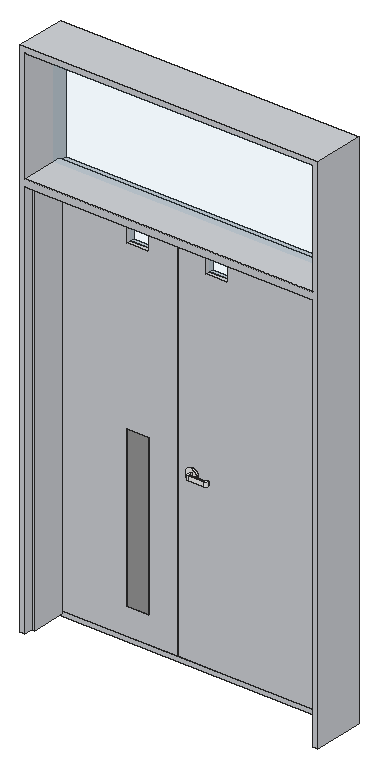
Revit family "Dor_親子開き戸（幕板付）", category ドア, Revit 2020 (continued)
Definition of nested family "平面_親子開き戸"
  Dimensions and locks
    aligned and locked: plane 6 to curve 7
    aligned and locked: Masking region 2 to plane 6
    aligned and locked: plane 7 to Masking region 1
    aligned and locked: plane 12 "パネル幅2" to curve 8
    aligned and locked: plane 13 to Masking region 2
    aligned and locked: Masking region 1 to plane 13
  Automatic sketch dimensions
    Masking region 1 sketch curve to plane 3 "中心(左/右)" = 185 mm
    Masking region 2 sketch curve to plane 6 = 0 mm
    Masking region 2 sketch curve to plane 8 = 0 mm
    plane 1 "中心(正面/背面)" to Masking region 2 sketch curve = 0 mm
    Masking region 2 sketch curve to plane 3 "中心(左/右)" = 185 mm
    curve 5 to plane 14 = 0 mm
    curve 6 to plane 14 = 0 mm
    curve 3 to plane 14 = 0 mm
    plane 1 "中心(正面/背面)" to curve 7 = 0 mm
Definition of nested family "平面_逃げ位置"
  Parameters (values of type "平面_逃げ位置")
    逃げ_左 [instance] = 40 mm
    逃げ_右 [instance] = 40 mm
    幅 [instance] = 1000 mm
  Reference planes
    plane 1 "中心(正面/背面)": y = 0
    plane 2: z = 0
    plane 3 "中心(左/右)": x = 0
    plane 4: x = -500
    plane 5: x = 500
    plane 6: x = 540
    plane 7: x = -540
    plane 8: y = -30
    plane 9: y = 30
  Lines and regions (mm)
    detail lines, in view "基準レベル"
      curve 1: line (-540, 30, 0) -> (-540, -30, 0)
      curve 2: line (540, 30, 0) -> (540, -30, 0)
  Dimensions and locks
    equal spacing: plane 4, plane 3 "中心(左/右)", plane 5
    "幅": plane 4 to plane 5
    plane 9 to plane 8 = 60 mm
    equal spacing: plane 9, plane 1 "中心(正面/背面)", plane 8
    "逃げ_左": plane 7 to plane 4
    "逃げ_右": plane 5 to plane 6
    aligned and locked: curve 1 to plane 7
    aligned and locked: plane 6 to curve 2
    aligned and locked: plane 9 to curve 2
  Automatic sketch dimensions
    curve 1 to plane 8 = 0 mm
    curve 2 to plane 8 = 0 mm
    curve 1 to plane 9 = 0 mm
Definition of nested family "立面_スイング_開き戸"
  Parameters (values of type "立面_スイング_開き戸")
    パネル高 [instance] = 1800 mm
    パネル幅 [instance] = 900 mm
    アンダーカット [instance] = 5 mm
  Reference planes
    plane 1 "中心(正面/背面)": y = 0
    plane 2: z = 0
    plane 3 "中心(左/右)": x = 0
    plane 4: y = 5
    plane 5: x = -450
    plane 6: x = 450
    plane 7: y = 1805
    plane 8: y = 905
  Lines and regions (mm)
    detail lines, in view "基準レベル"
      curve 1: line (-450, 1805, 0) -> (450, 905, 0)
      curve 2: line (450, 905, 0) -> (-450, 5, 0)
  Dimensions and locks
    equal spacing: plane 7, plane 8, plane 4
    "アンダーカット": plane 1 "中心(正面/背面)" to plane 4
    "パネル高": plane 7 to plane 4
    equal spacing: plane 5, plane 3 "中心(左/右)", plane 6
    "パネル幅": plane 5 to plane 6
    aligned and locked: plane 5 to curve 1
    aligned and locked: plane 7 to curve 1
    aligned and locked: plane 5 to curve 2
    aligned and locked: plane 4 to curve 2
    aligned and locked: plane 6 to curve 2
    aligned and locked: plane 8 to curve 1
